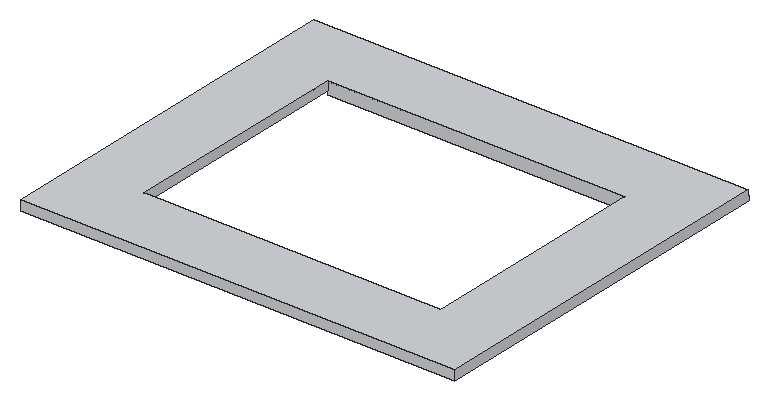
Revit family "H34SFPSB - H34DF006-20", category Generic Models, host Face, Revit 2019
Family settings
  Host = Face
  Can host rebar = No
  Round Connector Dimension = Use Diameter
  Part Type = Normal
  Cut with Voids When Loaded = No
  Shared = No
  Room Calculation Point = No
Parameters
  Default Elevation = 48.00"
Reference planes (in)
  plane 1 "Center (Front/Back)": y = 0
  plane 2: z = 0
  plane 3 "Center (Left/Right)": x = 0
Forms (in)
  Extrusion 1, solid
    sketch origin (-18.5625, 20.90625, 0) x (1, 0, 0) y (0, 1, 0)
      loop
        line (41.529, -1.47125) -> (-4.404, -1.47125) -> (-4.404, -40.34125) -> (41.529, -40.34125) -> (41.529, -1.47125)
      loop
        line (2.846, -8.79025) -> (2.846, -33.02225) -> (34.279, -33.02225) -> (34.279, -8.79025) -> (2.846, -8.79025)
    from 0 to 1
  Sweep 2, solid
    path origin (0, 0, 0) x (1, 0, 0) y (0, 1, 0)
      loop
        line (15.7165, -12.116) -> (-15.7165, -12.116)
    profile origin (0, -12.116, 0) x (0, -1, 0) y (0, 0, 1)
      loop
        line (0, 1) -> (0, -0.307) -> (0.536, -0.307) -> (0.536, -0.267) -> (0.04, -0.267) -> (0.04, 1) -> (0, 1)
  Sweep 3, solid
    path origin (0, 0, 0) x (1, 0, 0) y (0, -1, 0)
      loop
        line (15.7165, -12.116) -> (-15.7165, -12.116)
    profile origin (0, 12.116, 0) x (0, -1, 0) y (0, 0, 1)
      loop
        line (0, 1) -> (-0.04, 1) -> (-0.04, -0.267) -> (-0.536, -0.267) -> (-0.536, -0.307) -> (0, -0.307) -> (0, 1)
Cuts and joins
  joined: Extrusion 1, Sweep 2, Sweep 3
Dimensions and locks (in)
  aligned and locked: plane 2 to host face
  aligned and locked: level to host face
